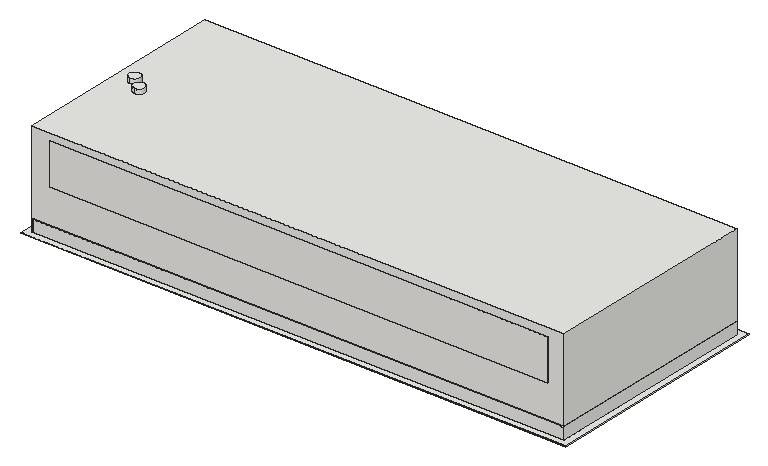
Revit family "191128_02_AIRTECNICS_AIR CURTAIN_RECESSED WINDBOX BB_WATER HEATED (P)", category Mechanical Equipment, Revit 2016 (continued)
Definition of nested family "GEOM_RECESSED WINDBOX BB (P)"
  Automatic sketch dimensions
    Extrusion 7 sketch curve to plane 3 "Centro (Izquierda/Derecha)" = 0.0 mm
    plane 8 to Extrusion 11 sketch curve = 0.0 mm
    Extrusion 11 sketch curve to plane 24 = 0.0 mm
    Extrusion 11 sketch curve to plane 4 = 0.0 mm
    Extrusion 11 sketch curve to plane 8 = 10.0 mm
    Extrusion 12 sketch curve to plane 24 = 0.0 mm
    Extrusion 12 sketch curve to plane 4 = 0.0 mm
    Extrusion 12 sketch curve to plane 7 = 0.0 mm
    Extrusion 12 sketch curve to plane 7 = 10.0 mm
    Extrusion 18 sketch curve to plane 7 = 25.0 mm
    Sweep 19 sketch curve to profile plane = 0.0 mm
    Sweep 19 sketch curve to Sweep 19 sketch curve = 0.0 mm  (x2)
    plane 24 to Extrusion 20 sketch curve = 20.494 mm  (x2)
    Extrusion 20 sketch curve to plane 11 = 41.908 mm
    plane 24 to Extrusion 20 sketch curve = 1.964 mm  (x6)
    Extrusion 20 sketch curve to Extrusion 20 sketch curve = 3.179 mm
    Extrusion 20 sketch curve to Extrusion 20 sketch curve = 1.478 mm  (x3)
    Extrusion 20 sketch curve to Extrusion 20 sketch curve = 4.657 mm  (x5)
    Extrusion 20 sketch curve to Extrusion 20 sketch curve = 16.188 mm
    Extrusion 20 sketch curve to plane 11 = 13.228 mm
    plane 11 to Extrusion 20 sketch curve = 9.843 mm
    plane 11 to Extrusion 20 sketch curve = 13.022 mm
    Extrusion 20 sketch curve to Extrusion 20 sketch curve = 0.254 mm  (x3)
    Extrusion 20 sketch curve to Extrusion 20 sketch curve = 18.53 mm
    Extrusion 20 sketch curve to Extrusion 20 sketch curve = 0.0 mm
    Extrusion 20 sketch curve to Extrusion 20 sketch curve = 0.799 mm  (x3)
    plane 7 to Extrusion 21 sketch curve = 1.0 mm
    plane 8 to Extrusion 21 sketch curve = 1.0 mm
    plane 1 "Centro (Frontal/Posterior)" to Extrusion 23 sketch curve = 4.0 mm
    Extrusion 23 sketch curve to plane 11 = 42.0 mm
    plane 24 to Extrusion 23 sketch curve = 0.496 mm
    Extrusion 23 sketch curve to plane 5 = 2.0 mm
    plane 1 "Centro (Frontal/Posterior)" to Extrusion 24 sketch curve = 21.764 mm
    Extrusion 24 sketch curve to plane 11 = 43.471 mm
    plane 24 to Extrusion 24 sketch curve = 3.073 mm
    Extrusion 24 sketch curve to Extrusion 24 sketch curve = 3.028 mm
    Extrusion 24 sketch curve to Extrusion 24 sketch curve = 3.961 mm
    Extrusion 24 sketch curve to Extrusion 24 sketch curve = 2.97 mm
    plane 24 to Extrusion 24 sketch curve = 0.496 mm
    Extrusion 24 sketch curve to plane 11 = 11.527 mm
    Extrusion 24 sketch curve to plane 11 = 9.49 mm
    plane 24 to Extrusion 24 sketch curve = 3.107 mm
    Extrusion 24 sketch curve to Extrusion 24 sketch curve = 2.975 mm
    Extrusion 24 sketch curve to Extrusion 24 sketch curve = 0.557 mm
    Extrusion 24 sketch curve to Extrusion 24 sketch curve = 4.0 mm
    Extrusion 24 sketch curve to Extrusion 24 sketch curve = 3.966 mm
    Extrusion 24 sketch curve to Extrusion 24 sketch curve = 0.0 mm  (x2)
    plane 1 "Centro (Frontal/Posterior)" to Extrusion 25 sketch curve = 21.764 mm
    Extrusion 25 sketch curve to plane 11 = 43.471 mm
    plane 24 to Extrusion 25 sketch curve = 3.073 mm
    Extrusion 25 sketch curve to Extrusion 25 sketch curve = 3.028 mm
    Extrusion 25 sketch curve to Extrusion 25 sketch curve = 3.961 mm
    Extrusion 25 sketch curve to Extrusion 25 sketch curve = 2.97 mm
    plane 24 to Extrusion 25 sketch curve = 0.496 mm
    Extrusion 25 sketch curve to plane 11 = 11.527 mm
    Extrusion 25 sketch curve to plane 11 = 9.49 mm
    plane 24 to Extrusion 25 sketch curve = 3.107 mm
    Extrusion 25 sketch curve to Extrusion 25 sketch curve = 2.975 mm
    Extrusion 25 sketch curve to Extrusion 25 sketch curve = 0.557 mm
    Extrusion 25 sketch curve to Extrusion 25 sketch curve = 4.0 mm
    Extrusion 25 sketch curve to Extrusion 25 sketch curve = 3.966 mm
    Extrusion 25 sketch curve to Extrusion 25 sketch curve = 0.0 mm  (x2)
    plane 1 "Centro (Frontal/Posterior)" to Extrusion 26 sketch curve = 21.764 mm
    Extrusion 26 sketch curve to plane 11 = 43.471 mm
    plane 24 to Extrusion 26 sketch curve = 3.073 mm
    Extrusion 26 sketch curve to Extrusion 26 sketch curve = 3.028 mm
    Extrusion 26 sketch curve to Extrusion 26 sketch curve = 3.961 mm
    Extrusion 26 sketch curve to Extrusion 26 sketch curve = 2.97 mm
    plane 24 to Extrusion 26 sketch curve = 0.496 mm
    Extrusion 26 sketch curve to plane 11 = 11.527 mm
    Extrusion 26 sketch curve to plane 11 = 9.49 mm
    plane 24 to Extrusion 26 sketch curve = 3.107 mm
    Extrusion 26 sketch curve to Extrusion 26 sketch curve = 2.975 mm
    Extrusion 26 sketch curve to Extrusion 26 sketch curve = 0.557 mm
    Extrusion 26 sketch curve to Extrusion 26 sketch curve = 4.0 mm
    Extrusion 26 sketch curve to Extrusion 26 sketch curve = 3.966 mm
    Extrusion 26 sketch curve to Extrusion 26 sketch curve = 0.0 mm  (x2)
    plane 1 "Centro (Frontal/Posterior)" to Extrusion 45 sketch curve = 21.764 mm
    Extrusion 45 sketch curve to plane 11 = 43.471 mm
    plane 24 to Extrusion 45 sketch curve = 3.073 mm
    Extrusion 45 sketch curve to Extrusion 45 sketch curve = 3.028 mm
    Extrusion 45 sketch curve to Extrusion 45 sketch curve = 3.961 mm
    Extrusion 45 sketch curve to Extrusion 45 sketch curve = 2.97 mm
    plane 24 to Extrusion 45 sketch curve = 0.496 mm
    Extrusion 45 sketch curve to plane 11 = 11.527 mm
    Extrusion 45 sketch curve to plane 11 = 9.49 mm
    plane 24 to Extrusion 45 sketch curve = 3.107 mm
    Extrusion 45 sketch curve to Extrusion 45 sketch curve = 2.975 mm
    Extrusion 45 sketch curve to Extrusion 45 sketch curve = 0.557 mm
    Extrusion 45 sketch curve to Extrusion 45 sketch curve = 4.0 mm
    Extrusion 45 sketch curve to Extrusion 45 sketch curve = 3.966 mm
    Extrusion 45 sketch curve to Extrusion 45 sketch curve = 0.0 mm  (x2)
    Extrusion 46 sketch curve to Extrusion 46 sketch curve = 0.0 mm  (x48)
    plane 36 to Extrusion 46 sketch curve = 2.024 mm
    plane 24 to Extrusion 46 sketch curve = 0.179 mm  (x12)
    Extrusion 46 sketch curve to Extrusion 46 sketch curve = 0.07 mm  (x12)
    plane 36 to Extrusion 46 sketch curve = 2.768 mm
    plane 24 to Extrusion 46 sketch curve = 2.811 mm  (x12)
    Extrusion 46 sketch curve to plane 13 = 7.561 mm
    plane 24 to Extrusion 46 sketch curve = 1.787 mm  (x12)
    Extrusion 46 sketch curve to Extrusion 46 sketch curve = 0.8 mm  (x15)
    plane 13 to Extrusion 46 sketch curve = 6.4 mm
    level to Extrusion 46 sketch curve = 0.881 mm  (x11)
    plane 13 to Extrusion 46 sketch curve = 6.8 mm
    Extrusion 46 sketch curve to Extrusion 46 sketch curve = 0.343 mm  (x10)
    plane 13 to Extrusion 46 sketch curve = 7.7 mm
    Extrusion 46 sketch curve to Extrusion 46 sketch curve = 0.457 mm  (x10)
    Extrusion 46 sketch curve to Extrusion 46 sketch curve = 1.3 mm  (x10)
    Extrusion 46 sketch curve to Extrusion 46 sketch curve = 8.369 mm  (x11)
    Extrusion 46 sketch curve to Extrusion 46 sketch curve = 13.961 mm  (x10)
    Extrusion 46 sketch curve to Extrusion 46 sketch curve = 13.56 mm  (x9)
    plane 24 to Extrusion 46 sketch curve = 14.344 mm  (x10)
    plane 24 to Extrusion 46 sketch curve = 13.319 mm  (x11)
    Extrusion 46 sketch curve to Extrusion 46 sketch curve = 0.5 mm  (x2)
    Extrusion 46 sketch curve to Extrusion 46 sketch curve = 0.999 mm
    Extrusion 46 sketch curve to Extrusion 46 sketch curve = 1.743 mm
    Extrusion 46 sketch curve to plane 37 = 4.5 mm
    Extrusion 46 sketch curve to plane 37 = 3.2 mm
    Extrusion 46 sketch curve to Extrusion 46 sketch curve = 0.658 mm
    Extrusion 46 sketch curve to Extrusion 46 sketch curve = 8.732 mm  (x12)
    Extrusion 47 sketch curve to plane 27 = 0.0 mm
    Extrusion 47 sketch curve to plane 26 = 0.0 mm
    Extrusion 47 sketch curve to plane 36 = 0.0 mm
    Extrusion 47 sketch curve to plane 37 = 0.0 mm
    Extrusion 54 sketch curve to plane 17 "P2-01" = 6.5 mm
    Extrusion 54 sketch curve to plane 31 = 13.0 mm
    Extrusion 55 sketch curve to plane 17 "P2-01" = 6.5 mm
    Extrusion 55 sketch curve to plane 31 = 13.0 mm
    Extrusion 16 sketch curve to plane 17 "P2-01" = 0.0 mm
    Extrusion 16 sketch curve to plane 19 "P2-03" = 0.0 mm
    Extrusion 17 sketch curve to plane 14 = 0.0 mm
    Extrusion 17 sketch curve to plane 15 "P1-01" = 0.0 mm
Types (4, lengths in mm): name | Weight | Water Flow Connector | Water Drop Pressure | Water Coil Volume | Product Size | Product Reference | Product Description | Power Fans | Noise Level (dB(A)) | Length | Heating Capacity | Current Fans | L | CT | Apparent Load | Airflow
  WINDBOX RBB 2500 P | 146.00 kg | 2 m³/h | 11880.0 Pa | 3.3 L | "2500" | "RBB 2500 P86" | "Self-supporting casing construction made of galvanized steel plate, ready to be installed recessed in a false ceiling. \r\nInlet grille (free of maintenance) made with aluminium profiles and blow-out nozzle, integrated in a single white frame colour RAL 9016. Other colours are available on request. \r\nAnodized aluminium outlet vanes, airfoil shaped, adjustable in both directions.\r\nEC Double-inlet centrifugal fans driven by an external rotor motor and low noise level, with very low consumption efficency fans.\r\n“P” type with water heated coil. \r\nIncludes Clever control (programmable, automatic, intelligent, energy saving, Modbus RTU for BMS…)\r\nAir Volume: 8750 m3/h \r\nFans:  2,037 kW  9,03 A 230Vx1 50/60Hz\r\nHeating power: 46,38 kW (80/60ºC)\r\nDimensions: 860x360x2550 mm (depth, height, length)" | 2.037 kW | 68 | 2550.0 | 42.12 kW | 9.03 A | 2500.0 | 16 | 2079 VA | 8750 m³/h
  WINDBOX RBB 2000 P | 117.00 kg | 1.6 m³/h | 12680.0 Pa | 2.6 L | "2000" | "RBB 2000 P86" | "Self-supporting casing construction made of galvanized steel plate, ready to be installed recessed in a false ceiling. \r\nInlet grille (free of maintenance) made with aluminium profiles and blow-out nozzle, integrated in a single white frame colour RAL 9016. Other colours are available on request. \r\nAnodized aluminium outlet vanes, airfoil shaped, adjustable in both directions.\r\nEC Double-inlet centrifugal fans driven by an external rotor motor and low noise level, with very low consumption efficency fans.\r\n“P” type with water heated coil. \r\nIncludes Clever control (programmable, automatic, intelligent, energy saving, Modbus RTU for BMS…)\r\nAir Volume: 7500 m3/h \r\nFans:  1,746 kW  7,74 A 230Vx1 50/60Hz\r\nHeating power: 38,44 kW (80/60ºC)\r\nDimensions: 860x360x2050 mm (depth, height, length)" | 1.746 kW | 67 | 2050.0 | 35.04 kW | 7.74 A | 2000.0 | 8 | 1782 VA | 7500 m³/h
  WINDBOX RBB 1500 P | 88.00 kg | 1 m³/h | 15260.0 Pa | 1.8 L | "1500" | "RBB 1500 P86" | "Self-supporting casing construction made of galvanized steel plate, ready to be installed recessed in a false ceiling. \r\nInlet grille (free of maintenance) made with aluminium profiles and blow-out nozzle, integrated in a single white frame colour RAL 9016. Other colours are available on request. \r\nAnodized aluminium outlet vanes, airfoil shaped, adjustable in both directions.\r\nEC Double-inlet centrifugal fans driven by an external rotor motor and low noise level, with very low consumption efficency fans.\r\n“P” type with water heated coil. \r\nIncludes Clever control (programmable, automatic, intelligent, energy saving, Modbus RTU for BMS…)\r\nAir Volume: 5000 m3/h \r\nFans:  1,164 kW  5,16 A 230Vx1 50/60Hz\r\nHeating power: 26,46 kW (80/60ºC)\r\nDimensions: 860x360x1550 mm (depth, height, length)" | 1.164 kW | 66 | 1550.0 | 24.15 kW | 5.16 A | 1500.0 | 4 | 1188 VA | 5000 m³/h
  WINDBOX RBB 1000 P | 58.00 kg | 0.8 m³/h | 12180.0 Pa | 1.1 L | "1000" | "RBB 1000 P86" | "Self-supporting casing construction made of galvanized steel plate, ready to be installed recessed in a false ceiling. \r\nInlet grille (free of maintenance) made with aluminium profiles and blow-out nozzle, integrated in a single white frame colour RAL 9016. Other colours are available on request. \r\nAnodized aluminium outlet vanes, airfoil shaped, adjustable in both directions.\r\nEC Double-inlet centrifugal fans driven by an external rotor motor and low noise level, with very low consumption efficency fans.\r\n“P” type with water heated coil. \r\nIncludes Clever control (programmable, automatic, intelligent, energy saving, Modbus RTU for BMS…)\r\nAir Volume: 3750 m3/h \r\nFans:  0,873 kW  3,87 A 230Vx1 50/60Hz\r\nHeating power: 18,21 kW (80/60ºC)\r\nDimensions: 860x360x1050 mm (depth, height, length)" | 0.873 kW | 65 | 1050.0 | 16.48 kW | 3.87 A | 1000.0 | 2 | 891 VA | 3750 m³/h
